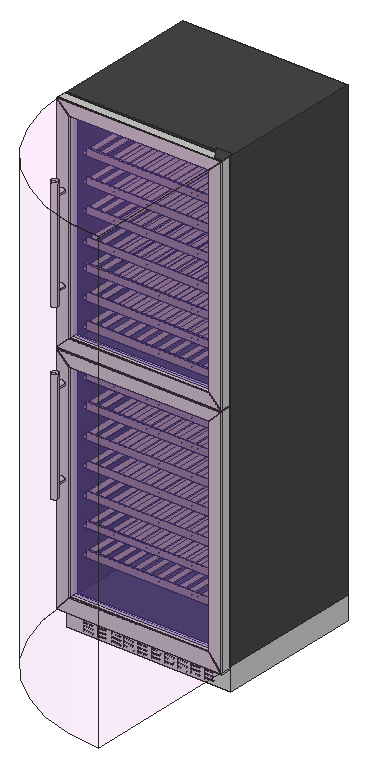
Revit family "QF_Summit_SWC1875B_Bottle_Commercial_Wine_Cellar", category Specialty Equipment, Revit 2020
Family settings
  Round Connector Dimension = Use Diameter
  Part Type = Normal
  Work Plane-Based = No
  Always vertical = Yes
  Cut with Voids When Loaded = No
  Shared = No
  Room Calculation Point = No
Parameters
  Weight in Pounds = 191
  Watts = Volts * FL Amps  # 195.5 W
  Volts = 115 V
  URL Cutsheet = ""
  Specification by User = ""
  Specification by Manufacturer = ""
  Show RHD [instance] = not(Show LHD)  # no
  Show LHD [instance] = yes
  Show Clearance [instance] = yes
  Serial Number = ""
  Seismic Rating = ""
  SMACNA No = ""
  Revision Code = ""
  Refrigerant Volume = 0.00 kip
  Refrigerant Type = "R600a"
  Phase = 1
  Number of Poles = 1
  NAFEM Spec ID Number = ""
  Model = "SWC1875B"
  Min Ckt Ampacity = 0 A
  Max Overcurrent Protection = 0 A
  Masterspec = ""
  Manufacturer = "Summit"
  Length = 23.63"
  Item Number = ""
  Installed By = ""
  Identify Quantity as Lot = yes
  Height = 69 5/8"
  HP = ""
  Furnished By = ""
  Foodservice Equipment Identifier = yes
  FL Amps = 1.7 A
  Electrical Remarks = ""
  Electric Connection Type = ""
  Elec Conn RI Height = 0"
  Elec Conn Connection Height = 0"
  Description = "Bottle Commercial Wine Cellar"
  Depth = 22 3/4"
  Default Elevation = 0"
  Cycle = 60 Hz
  Conn Plug = ""
  Conn Conduit = yes
  CSI MasterFormat = ""
  BTUH = 0.0 Btu/h
  Apparent Power = 0 VA
Reference planes (in)
  plane 1 "BACK": y = 0
  plane 2: z = 0
  plane 3 "LEFT": x = 0
  plane 4 "RIGHT": x = 23.63
  plane 5 "FRONT": y = -22.75
  plane 6 "TOP": z = 69.625
  plane 7 "Center Y": x = 11.815
  plane 8 "Center X": y = -11.375
Dimensions and locks (in)
  equal spacing: plane 3 "LEFT", plane 7 "Center Y", plane 4 "RIGHT"
  "Length": plane 3 "LEFT" to plane 4 "RIGHT"
  equal spacing: plane 5 "FRONT", plane 8 "Center X", plane 1 "BACK"
  "Depth": plane 5 "FRONT" to plane 1 "BACK"
  "Height": plane 6 "TOP" to level
  aligned and locked: level to plane 2
Nested families (in)
  nested 1: "SWC1875B" at (0, 0, 0), Show Clearance <- "Show Clearance", Show LHD <- "Show RHD", type "SWC1875B"
    with Show RHD yes, Show LHD no, Show Clearance yes
Connectors (in)
  electrical at (19.64692, 0.03125, 1.60423), driven by "Volts", driven by "Watts"
    settings: on nested 1, index 1, voltage 115 V, apparent load 195.5 VA, apparent load phase1 0 VA, apparent load phase2 0 VA, apparent load phase3 0 VA, power factor 1, load classification "Other", number of poles 1, system type 30, power factor state 1, is connector primary yes, connector utility no, sub classification motor no, connector description "ELECTRICAL CONNECTION"
Definition of nested family "SWC1875B"
  Parameters (values of type "SWC1875B")
    Weight in Pounds = 0
    URL Cutsheet = ""
    Specification by User = ""
    Specification by Manufacturer = ""
    Show RHD [instance] = not(Show LHD)  # no
    Show LHD [instance] = yes
    Show Clearance [instance] = yes
    Serial Number = ""
    Seismic Rating = ""
    SMACNA No = ""
    Revision Code = ""
    NAFEM Spec ID Number = ""
    Masterspec = ""
    Length = 23.63"
    Item Number = ""
    Installed By = ""
    Identify Quantity as Lot = yes
    Height = 69 5/8"
    Furnished By = ""
    Foodservice Equipment Identifier = yes
    Depth = 22 3/4"
    Default Elevation = 0"
    CSI MasterFormat = ""
  Reference planes (in)
    plane 1 "BACK": y = 0
    plane 2: z = 0
    plane 3 "LEFT": x = 0
    plane 4 "RIGHT": x = 23.63
    plane 5 "FRONT": y = -22.75
    plane 6 "TOP": z = 69.625
    plane 7 "Center Y": x = 11.815
    plane 8 "Center X": y = -11.375
    plane 9: y = -24.625
    plane 10: z = 0.63091
    plane 11: x = 2.07245
    plane 12: y = -44.75
  Forms (in)
    Extrusion 1, solid
      sketch origin (-1.16156, -180, 0.63091) x (-1, 0, 0) y (0, -1, 0)
        loop
          line (-1.16156, -180) -> (-1.16156, -159.125) -> (-24.79156, -159.125) -> (-24.79156, -180) -> (-1.16156, -180)
      from 0 to 3.17521
    Extrusion 2, solid
      sketch origin (-1.16156, -180, 3.80612) x (-1, 0, 0) y (0, -1, 0)
        loop
          line (-1.16156, -180) -> (-1.16156, -159.125) -> (-24.79156, -159.125) -> (-24.79156, -180) -> (-1.16156, -180)
      from 0 to 65.81888
    Extrusion 3, solid
      sketch origin (-0.38082, -180, 37.35233) x (-1, 0, 0) y (0, -1, 0)
        loop
          line (-0.38082, -158.71108) -> (-0.38082, -157.44728) -> (-24.01082, -157.44728) -> (-24.01082, -158.71108) -> (-0.38082, -158.71108)
      from 0 to -33.54621
    Extrusion 4, solid
      sketch origin (-0.38082, -180, 37.60233) x (-1, 0, 0) y (0, -1, 0)
        loop
          line (-0.38082, -158.71108) -> (-0.38082, -157.44728) -> (-24.01082, -157.44728) -> (-24.01082, -158.71108) -> (-0.38082, -158.71108)
      from 0 to 32.02267
    Extrusion 5, solid
      sketch origin (-0.80553, -180, 37.09496) x (-1, 0, 0) y (0, -1, 0)
        loop
          line (-1.02038, -159.125) -> (-1.02038, -158.71108) -> (-24.2197, -158.71108) -> (-24.2197, -159.125) -> (-1.02038, -159.125)
      from 0 to -33.0193
    Extrusion 6, solid
      sketch origin (-0.80553, -180, 37.87559) x (0, 1, 0) y (1, 0, 0)
        loop
          line (159.125, 1.02038) -> (159.125, 24.2197) -> (158.71108, 24.2197) -> (158.71108, 1.02038) -> (159.125, 1.02038)
      from 0.05999 to -31.47674
    Extrusion 7, void
      sketch origin (23.63, -22.55272, 37.60233) x (1, 0, 0) y (0, 0, -1)
        loop
          line (-21.81357, -30.37609) -> (-1.75727, -30.37609) -> (-1.75727, -1.65569) -> (-21.81357, -1.65569) -> (-21.81357, -30.37609)
        loop
          line (-21.81357, 31.67064) -> (-21.81357, 1.92064) -> (-1.75727, 1.92064) -> (-1.75727, 31.67064) -> (-21.81357, 31.67064)
      from 0 to 1.2638
    Extrusion 8, void
      sketch origin (-1.6681, -180, 5.47319) x (0, -1, 0) y (-1, 0, 0)
        loop
          line (-176.66237, -3.624) -> (-176.66237, -23.374)
          arc (-176.66237, -23.374) -> (-176.51593, -23.72755) -> (-176.16237, -23.874) r 0.5
          line (-176.16237, -23.874) -> (-158.71108, -23.874) -> (-158.71108, -3.124) -> (-176.16237, -3.124)
          arc (-176.16237, -3.124) -> (-176.51593, -3.27045) -> (-176.66237, -3.624) r 0.5
      from 0 to -30.96823
    Extrusion 9, void
      sketch origin (-1.6681, -180, 69.47596) x (1, 0, 0) y (0, 1, 0)
        loop
          arc (3.624, 176.66237) -> (3.27045, 176.51593) -> (3.124, 176.16237) r 0.5
          line (3.124, 176.16237) -> (3.124, 158.71108) -> (23.874, 158.71108) -> (23.874, 176.16237)
          arc (23.874, 176.16237) -> (23.72755, 176.51593) -> (23.374, 176.66237) r 0.5
          line (23.374, 176.66237) -> (3.624, 176.66237)
      from -1.36697 to -31.16036
    Extrusion 10, solid
      sketch origin (0, -19.80063, 72.98054) x (0, 0, 1) y (1, 0, 0)
        loop
          line (-10.87433, 1.4559) -> (-10.87433, 22.2059) -> (-11.37433, 22.2059) -> (-11.37433, 1.4559) -> (-10.87433, 1.4559)
        loop
          line (-14.62433, 1.4559) -> (-14.62433, 22.2059) -> (-15.12433, 22.2059) -> (-15.12433, 1.4559) -> (-14.62433, 1.4559)
        loop
          line (-18.37433, 1.4559) -> (-18.37433, 22.2059) -> (-18.87433, 22.2059) -> (-18.87433, 1.4559) -> (-18.37433, 1.4559)
        loop
          line (-22.37433, 1.4559) -> (-22.37433, 22.2059) -> (-22.87433, 22.2059) -> (-22.87433, 1.4559) -> (-22.37433, 1.4559)
        loop
          line (-25.81183, 1.4559) -> (-25.81183, 22.2059) -> (-26.31183, 22.2059) -> (-26.31183, 1.4559) -> (-25.81183, 1.4559)
        loop
          line (-29.48371, 1.4559) -> (-29.48371, 22.2059) -> (-29.98371, 22.2059) -> (-29.98371, 1.4559) -> (-29.48371, 1.4559)
        loop
          line (-33.22252, 1.4559) -> (-33.22252, 22.2059) -> (-33.72252, 22.2059) -> (-33.72252, 1.4559) -> (-33.22252, 1.4559)
      from 0 to 0.68272
    Extrusion 11, solid
      sketch origin (0, -19.80063, 43.7071) x (0, 0, 1) y (1, 0, 0)
        loop
          line (-10.49853, 1.4559) -> (-10.49853, 22.2059) -> (-10.99853, 22.2059) -> (-10.99853, 1.4559) -> (-10.49853, 1.4559)
        loop
          line (-14.24853, 1.4559) -> (-14.24853, 22.2059) -> (-14.74853, 22.2059) -> (-14.74853, 1.4559) -> (-14.24853, 1.4559)
        loop
          line (-18.12353, 1.4559) -> (-18.12353, 22.2059) -> (-18.62353, 22.2059) -> (-18.62353, 1.4559) -> (-18.12353, 1.4559)
        loop
          line (-21.87353, 1.4559) -> (-21.87353, 22.2059) -> (-22.37353, 22.2059) -> (-22.37353, 1.4559) -> (-21.87353, 1.4559)
        loop
          line (-25.71728, 1.4559) -> (-25.71728, 22.2059) -> (-26.21728, 22.2059) -> (-26.21728, 1.4559) -> (-25.71728, 1.4559)
        loop
          line (-29.56103, 1.4559) -> (-29.56103, 22.2059) -> (-30.06103, 22.2059) -> (-30.06103, 1.4559) -> (-29.56103, 1.4559)
        loop
          line (-33.31103, 1.4559) -> (-33.31103, 22.2059) -> (-33.81103, 22.2059) -> (-33.81103, 1.4559) -> (-33.31103, 1.4559)
      from 0 to 0.68272
    Extrusion 12, solid
      sketch origin (0, -19.80063, 72.98054) x (0, 0, -1) y (1, 0, 0)
        loop
          line (15.12433, 21.64509) -> (14.03626, 21.64509) -> (14.03626, 2.07245) -> (15.12433, 2.07245) -> (15.12433, 21.64509)
        loop
          line (18.87433, 21.64509) -> (17.78626, 21.64509) -> (17.78626, 2.07245) -> (18.87433, 2.07245) -> (18.87433, 21.64509)
        loop
          line (22.87433, 21.64509) -> (21.78626, 21.64509) -> (21.78626, 2.07245) -> (22.87433, 2.07245) -> (22.87433, 21.64509)
        loop
          line (26.31183, 21.64509) -> (25.22376, 21.64509) -> (25.22376, 2.07245) -> (26.31183, 2.07245) -> (26.31183, 21.64509)
        loop
          line (29.98371, 21.64509) -> (28.89564, 21.64509) -> (28.89564, 2.07245) -> (29.98371, 2.07245) -> (29.98371, 21.64509)
        loop
          line (11.37433, 21.64509) -> (10.28626, 21.64509) -> (10.28626, 2.07245) -> (11.37433, 2.07245) -> (11.37433, 21.64509)
        loop
          line (33.72252, 21.64509) -> (32.63445, 21.64509) -> (32.63445, 2.07245) -> (33.72252, 2.07245) -> (33.72252, 21.64509)
      from 0 to 0.05469
    Extrusion 13, solid
      sketch origin (0, -19.80063, 43.7071) x (0, 0, -1) y (1, 0, 0)
        loop
          line (10.99853, 21.5851) -> (9.98258, 21.5851) -> (9.98258, 2.07245) -> (10.99853, 2.07245) -> (10.99853, 21.5851)
      from 0 to 0.05469
    Extrusion 14, solid
      sketch origin (0, -19.80063, 39.9571) x (0, 0, -1) y (1, 0, 0)
        loop
          line (10.99853, 21.5851) -> (9.98258, 21.5851) -> (9.98258, 2.07245) -> (10.99853, 2.07245) -> (10.99853, 21.5851)
      from 0 to 0.05469
    Extrusion 15, solid
      sketch origin (0, -19.80063, 36.0821) x (0, 0, -1) y (1, 0, 0)
        loop
          line (10.99853, 21.5851) -> (9.98258, 21.5851) -> (9.98258, 2.07245) -> (10.99853, 2.07245) -> (10.99853, 21.5851)
      from 0 to 0.05469
    Extrusion 16, solid
      sketch origin (0, -19.80063, 32.3321) x (0, 0, -1) y (1, 0, 0)
        loop
          line (10.99853, 21.5851) -> (9.98258, 21.5851) -> (9.98258, 2.07245) -> (10.99853, 2.07245) -> (10.99853, 21.5851)
      from 0 to 0.05469
    Extrusion 17, solid
      sketch origin (0, -19.80063, 28.48835) x (0, 0, -1) y (1, 0, 0)
        loop
          line (10.99853, 21.5851) -> (9.98258, 21.5851) -> (9.98258, 2.07245) -> (10.99853, 2.07245) -> (10.99853, 21.5851)
      from 0 to 0.05469
    Extrusion 18, solid
      sketch origin (0, -19.80063, 24.6446) x (0, 0, -1) y (1, 0, 0)
        loop
          line (10.99853, 21.5851) -> (9.98258, 21.5851) -> (9.98258, 2.07245) -> (10.99853, 2.07245) -> (10.99853, 21.5851)
      from 0 to 0.05469
    Extrusion 19, solid
      sketch origin (0, -19.80063, 20.8946) x (0, 0, -1) y (1, 0, 0)
        loop
          line (10.99853, 21.5851) -> (9.98258, 21.5851) -> (9.98258, 2.07245) -> (10.99853, 2.07245) -> (10.99853, 21.5851)
      from 0 to 0.05469
    Extrusion 20, solid
      sketch origin (0, -4.412, 72.98054) x (0, 0, 1) y (-1, 0, 0)
        loop
          line (-10.87433, -1.4559) -> (-11.37433, -1.4559) -> (-11.37433, -22.2059) -> (-10.87433, -22.2059) -> (-10.87433, -1.4559)
        loop
          line (-14.62433, -1.4559) -> (-15.12433, -1.4559) -> (-15.12433, -22.2059) -> (-14.62433, -22.2059) -> (-14.62433, -1.4559)
        loop
          line (-18.37433, -1.4559) -> (-18.87433, -1.4559) -> (-18.87433, -22.2059) -> (-18.37433, -22.2059) -> (-18.37433, -1.4559)
        loop
          line (-22.37433, -1.4559) -> (-22.87433, -1.4559) -> (-22.87433, -22.2059) -> (-22.37433, -22.2059) -> (-22.37433, -1.4559)
        loop
          line (-25.81183, -1.4559) -> (-26.31183, -1.4559) -> (-26.31183, -22.2059) -> (-25.81183, -22.2059) -> (-25.81183, -1.4559)
        loop
          line (-29.48371, -1.4559) -> (-29.98371, -1.4559) -> (-29.98371, -22.2059) -> (-29.48371, -22.2059) -> (-29.48371, -1.4559)
        loop
          line (-33.22252, -1.4559) -> (-33.72252, -1.4559) -> (-33.72252, -22.2059) -> (-33.22252, -22.2059) -> (-33.22252, -1.4559)
      from 0 to 0.68272
    Extrusion 21, solid
      sketch origin (0, -4.412, 43.7071) x (0, 0, 1) y (-1, 0, 0)
        loop
          line (-10.49853, -1.4559) -> (-10.99853, -1.4559) -> (-10.99853, -22.2059) -> (-10.49853, -22.2059) -> (-10.49853, -1.4559)
        loop
          line (-14.24853, -1.4559) -> (-14.74853, -1.4559) -> (-14.74853, -22.2059) -> (-14.24853, -22.2059) -> (-14.24853, -1.4559)
        loop
          line (-18.12353, -1.4559) -> (-18.62353, -1.4559) -> (-18.62353, -22.2059) -> (-18.12353, -22.2059) -> (-18.12353, -1.4559)
        loop
          line (-21.87353, -1.4559) -> (-22.37353, -1.4559) -> (-22.37353, -22.2059) -> (-21.87353, -22.2059) -> (-21.87353, -1.4559)
        loop
          line (-25.71728, -1.4559) -> (-26.21728, -1.4559) -> (-26.21728, -22.2059) -> (-25.71728, -22.2059) -> (-25.71728, -1.4559)
        loop
          line (-29.56103, -1.4559) -> (-30.06103, -1.4559) -> (-30.06103, -22.2059) -> (-29.56103, -22.2059) -> (-29.56103, -1.4559)
        loop
          line (-33.31103, -1.4559) -> (-33.81103, -1.4559) -> (-33.81103, -22.2059) -> (-33.31103, -22.2059) -> (-33.31103, -1.4559)
      from 0 to 0.68272
    Extrusion 22, solid
      sketch origin (0, -19.80063, 72.98054) x (0, 0, 1) y (1, 0, 0)
        loop
          line (-10.81696, 1.81643) -> (-10.81696, 2.70099) -> (-10.87433, 2.70099) -> (-10.87433, 1.81643) -> (-10.81696, 1.81643)
        loop
          line (-10.81696, 3.27535) -> (-10.81696, 4.15991) -> (-10.87433, 4.15991) -> (-10.87433, 3.27535) -> (-10.81696, 3.27535)
        loop
          line (-10.81696, 5.02535) -> (-10.81696, 5.90991) -> (-10.87433, 5.90991) -> (-10.87433, 5.02535) -> (-10.81696, 5.02535)
        loop
          line (-10.81696, 6.52535) -> (-10.81696, 7.40991) -> (-10.87433, 7.40991) -> (-10.87433, 6.52535) -> (-10.81696, 6.52535)
        loop
          line (-10.81696, 8.27535) -> (-10.81696, 9.15991) -> (-10.87433, 9.15991) -> (-10.87433, 8.27535) -> (-10.81696, 8.27535)
        loop
          line (-10.81696, 9.77535) -> (-10.81696, 10.65991) -> (-10.87433, 10.65991) -> (-10.87433, 9.77535) -> (-10.81696, 9.77535)
        loop
          line (-10.81696, 11.52535) -> (-10.81696, 12.40991) -> (-10.87433, 12.40991) -> (-10.87433, 11.52535) -> (-10.81696, 11.52535)
        loop
          line (-10.81696, 13.02535) -> (-10.81696, 13.90991) -> (-10.87433, 13.90991) -> (-10.87433, 13.02535) -> (-10.81696, 13.02535)
        loop
          line (-10.81696, 14.77535) -> (-10.81696, 15.65991) -> (-10.87433, 15.65991) -> (-10.87433, 14.77535) -> (-10.81696, 14.77535)
        loop
          line (-10.81696, 16.27535) -> (-10.81696, 17.15991) -> (-10.87433, 17.15991) -> (-10.87433, 16.27535) -> (-10.81696, 16.27535)
        loop
          line (-10.81696, 18.02535) -> (-10.81696, 18.90991) -> (-10.87433, 18.90991) -> (-10.87433, 18.02535) -> (-10.81696, 18.02535)
        loop
          line (-10.81696, 19.52535) -> (-10.81696, 20.40991) -> (-10.87433, 20.40991) -> (-10.87433, 19.52535) -> (-10.81696, 19.52535)
        loop
          line (-10.81696, 21.08785) -> (-10.81696, 21.97241) -> (-10.87433, 21.97241) -> (-10.87433, 21.08785) -> (-10.81696, 21.08785)
        loop
          line (-14.56696, 1.81643) -> (-14.56696, 2.70099) -> (-14.62433, 2.70099) -> (-14.62433, 1.81643) -> (-14.56696, 1.81643)
        loop
          line (-14.56696, 3.27535) -> (-14.56696, 4.15991) -> (-14.62433, 4.15991) -> (-14.62433, 3.27535) -> (-14.56696, 3.27535)
        loop
          line (-14.56696, 5.02535) -> (-14.56696, 5.90991) -> (-14.62433, 5.90991) -> (-14.62433, 5.02535) -> (-14.56696, 5.02535)
        loop
          line (-14.56696, 6.52535) -> (-14.56696, 7.40991) -> (-14.62433, 7.40991) -> (-14.62433, 6.52535) -> (-14.56696, 6.52535)
        loop
          line (-14.56696, 8.27535) -> (-14.56696, 9.15991) -> (-14.62433, 9.15991) -> (-14.62433, 8.27535) -> (-14.56696, 8.27535)
        loop
          line (-14.56696, 9.77535) -> (-14.56696, 10.65991) -> (-14.62433, 10.65991) -> (-14.62433, 9.77535) -> (-14.56696, 9.77535)
        loop
          line (-14.56696, 11.52535) -> (-14.56696, 12.40991) -> (-14.62433, 12.40991) -> (-14.62433, 11.52535) -> (-14.56696, 11.52535)
        loop
          line (-14.56696, 13.02535) -> (-14.56696, 13.90991) -> (-14.62433, 13.90991) -> (-14.62433, 13.02535) -> (-14.56696, 13.02535)
        loop
          line (-14.56696, 14.77535) -> (-14.56696, 15.65991) -> (-14.62433, 15.65991) -> (-14.62433, 14.77535) -> (-14.56696, 14.77535)
        loop
          line (-14.56696, 16.27535) -> (-14.56696, 17.15991) -> (-14.62433, 17.15991) -> (-14.62433, 16.27535) -> (-14.56696, 16.27535)
        loop
          line (-14.56696, 18.02535) -> (-14.56696, 18.90991) -> (-14.62433, 18.90991) -> (-14.62433, 18.02535) -> (-14.56696, 18.02535)
        loop
          line (-14.56696, 19.52535) -> (-14.56696, 20.40991) -> (-14.62433, 20.40991) -> (-14.62433, 19.52535) -> (-14.56696, 19.52535)
        loop
          line (-14.56696, 21.08785) -> (-14.56696, 21.97241) -> (-14.62433, 21.97241) -> (-14.62433, 21.08785) -> (-14.56696, 21.08785)
        loop
          line (-18.31696, 1.81643) -> (-18.31696, 2.70099) -> (-18.37433, 2.70099) -> (-18.37433, 1.81643) -> (-18.31696, 1.81643)
        loop
          line (-18.31696, 3.27535) -> (-18.31696, 4.15991) -> (-18.37433, 4.15991) -> (-18.37433, 3.27535) -> (-18.31696, 3.27535)
        loop
          line (-18.31696, 5.02535) -> (-18.31696, 5.90991) -> (-18.37433, 5.90991) -> (-18.37433, 5.02535) -> (-18.31696, 5.02535)
        loop
          line (-18.31696, 6.52535) -> (-18.31696, 7.40991) -> (-18.37433, 7.40991) -> (-18.37433, 6.52535) -> (-18.31696, 6.52535)
        loop
          line (-18.31696, 8.27535) -> (-18.31696, 9.15991) -> (-18.37433, 9.15991) -> (-18.37433, 8.27535) -> (-18.31696, 8.27535)
        loop
          line (-18.31696, 9.77535) -> (-18.31696, 10.65991) -> (-18.37433, 10.65991) -> (-18.37433, 9.77535) -> (-18.31696, 9.77535)
        loop
          line (-18.31696, 11.52535) -> (-18.31696, 12.40991) -> (-18.37433, 12.40991) -> (-18.37433, 11.52535) -> (-18.31696, 11.52535)
        loop
          line (-18.31696, 13.02535) -> (-18.31696, 13.90991) -> (-18.37433, 13.90991) -> (-18.37433, 13.02535) -> (-18.31696, 13.02535)
        loop
          line (-18.31696, 14.77535) -> (-18.31696, 15.65991) -> (-18.37433, 15.65991) -> (-18.37433, 14.77535) -> (-18.31696, 14.77535)
        loop
          line (-18.31696, 16.27535) -> (-18.31696, 17.15991) -> (-18.37433, 17.15991) -> (-18.37433, 16.27535) -> (-18.31696, 16.27535)
        loop
          line (-18.31696, 18.02535) -> (-18.31696, 18.90991) -> (-18.37433, 18.90991) -> (-18.37433, 18.02535) -> (-18.31696, 18.02535)
        loop
          line (-18.31696, 19.52535) -> (-18.31696, 20.40991) -> (-18.37433, 20.40991) -> (-18.37433, 19.52535) -> (-18.31696, 19.52535)
        loop
          line (-18.31696, 21.08785) -> (-18.31696, 21.97241) -> (-18.37433, 21.97241) -> (-18.37433, 21.08785) -> (-18.31696, 21.08785)
        loop
          line (-22.31696, 1.81643) -> (-22.31696, 2.70099) -> (-22.37433, 2.70099) -> (-22.37433, 1.81643) -> (-22.31696, 1.81643)
        loop
          line (-22.31696, 3.27535) -> (-22.31696, 4.15991) -> (-22.37433, 4.15991) -> (-22.37433, 3.27535) -> (-22.31696, 3.27535)
        loop
          line (-22.31696, 5.02535) -> (-22.31696, 5.90991) -> (-22.37433, 5.90991) -> (-22.37433, 5.02535) -> (-22.31696, 5.02535)
        loop
          line (-22.31696, 6.52535) -> (-22.31696, 7.40991) -> (-22.37433, 7.40991) -> (-22.37433, 6.52535) -> (-22.31696, 6.52535)
        loop
          line (-22.31696, 8.27535) -> (-22.31696, 9.15991) -> (-22.37433, 9.15991) -> (-22.37433, 8.27535) -> (-22.31696, 8.27535)
        loop
          line (-22.31696, 9.77535) -> (-22.31696, 10.65991) -> (-22.37433, 10.65991) -> (-22.37433, 9.77535) -> (-22.31696, 9.77535)
        loop
          line (-22.31696, 11.52535) -> (-22.31696, 12.40991) -> (-22.37433, 12.40991) -> (-22.37433, 11.52535) -> (-22.31696, 11.52535)
        loop
          line (-22.31696, 13.02535) -> (-22.31696, 13.90991) -> (-22.37433, 13.90991) -> (-22.37433, 13.02535) -> (-22.31696, 13.02535)
        loop
          line (-22.31696, 14.77535) -> (-22.31696, 15.65991) -> (-22.37433, 15.65991) -> (-22.37433, 14.77535) -> (-22.31696, 14.77535)
        loop
          line (-22.31696, 16.27535) -> (-22.31696, 17.15991) -> (-22.37433, 17.15991) -> (-22.37433, 16.27535) -> (-22.31696, 16.27535)
        loop
          line (-22.31696, 18.02535) -> (-22.31696, 18.90991) -> (-22.37433, 18.90991) -> (-22.37433, 18.02535) -> (-22.31696, 18.02535)
        loop
          line (-22.31696, 19.52535) -> (-22.31696, 20.40991) -> (-22.37433, 20.40991) -> (-22.37433, 19.52535) -> (-22.31696, 19.52535)
        loop
          line (-22.31696, 21.08785) -> (-22.31696, 21.97241) -> (-22.37433, 21.97241) -> (-22.37433, 21.08785) -> (-22.31696, 21.08785)
        loop
          line (-25.75446, 1.81643) -> (-25.75446, 2.70099) -> (-25.81183, 2.70099) -> (-25.81183, 1.81643) -> (-25.75446, 1.81643)
        loop
          line (-25.75446, 3.27535) -> (-25.75446, 4.15991) -> (-25.81183, 4.15991) -> (-25.81183, 3.27535) -> (-25.75446, 3.27535)
        loop
          line (-25.75446, 5.02535) -> (-25.75446, 5.90991) -> (-25.81183, 5.90991) -> (-25.81183, 5.02535) -> (-25.75446, 5.02535)
        loop
          line (-25.75446, 6.52535) -> (-25.75446, 7.40991) -> (-25.81183, 7.40991) -> (-25.81183, 6.52535) -> (-25.75446, 6.52535)
        loop
          line (-25.75446, 8.27535) -> (-25.75446, 9.15991) -> (-25.81183, 9.15991) -> (-25.81183, 8.27535) -> (-25.75446, 8.27535)
        loop
          line (-25.75446, 9.77535) -> (-25.75446, 10.65991) -> (-25.81183, 10.65991) -> (-25.81183, 9.77535) -> (-25.75446, 9.77535)
        loop
          line (-25.75446, 11.52535) -> (-25.75446, 12.40991) -> (-25.81183, 12.40991) -> (-25.81183, 11.52535) -> (-25.75446, 11.52535)
        loop
          line (-25.75446, 13.02535) -> (-25.75446, 13.90991) -> (-25.81183, 13.90991) -> (-25.81183, 13.02535) -> (-25.75446, 13.02535)
        loop
          line (-25.75446, 14.77535) -> (-25.75446, 15.65991) -> (-25.81183, 15.65991) -> (-25.81183, 14.77535) -> (-25.75446, 14.77535)
        loop
          line (-25.75446, 16.27535) -> (-25.75446, 17.15991) -> (-25.81183, 17.15991) -> (-25.81183, 16.27535) -> (-25.75446, 16.27535)
        loop
          line (-25.75446, 18.02535) -> (-25.75446, 18.90991) -> (-25.81183, 18.90991) -> (-25.81183, 18.02535) -> (-25.75446, 18.02535)
        loop
          line (-25.75446, 19.52535) -> (-25.75446, 20.40991) -> (-25.81183, 20.40991) -> (-25.81183, 19.52535) -> (-25.75446, 19.52535)
        loop
          line (-25.75446, 21.08785) -> (-25.75446, 21.97241) -> (-25.81183, 21.97241) -> (-25.81183, 21.08785) -> (-25.75446, 21.08785)
        loop
          line (-29.42634, 1.81643) -> (-29.42634, 2.70099) -> (-29.48371, 2.70099) -> (-29.48371, 1.81643) -> (-29.42634, 1.81643)
        loop
          line (-29.42634, 3.27535) -> (-29.42634, 4.15991) -> (-29.48371, 4.15991) -> (-29.48371, 3.27535) -> (-29.42634, 3.27535)
        loop
          line (-29.42634, 5.02535) -> (-29.42634, 5.90991) -> (-29.48371, 5.90991) -> (-29.48371, 5.02535) -> (-29.42634, 5.02535)
        loop
          line (-29.42634, 6.52535) -> (-29.42634, 7.40991) -> (-29.48371, 7.40991) -> (-29.48371, 6.52535) -> (-29.42634, 6.52535)
        loop
          line (-29.42634, 8.27535) -> (-29.42634, 9.15991) -> (-29.48371, 9.15991) -> (-29.48371, 8.27535) -> (-29.42634, 8.27535)
        loop
          line (-29.42634, 9.77535) -> (-29.42634, 10.65991) -> (-29.48371, 10.65991) -> (-29.48371, 9.77535) -> (-29.42634, 9.77535)
        loop
          line (-29.42634, 11.52535) -> (-29.42634, 12.40991) -> (-29.48371, 12.40991) -> (-29.48371, 11.52535) -> (-29.42634, 11.52535)
        loop
          line (-29.42634, 13.02535) -> (-29.42634, 13.90991) -> (-29.48371, 13.90991) -> (-29.48371, 13.02535) -> (-29.42634, 13.02535)
        loop
          line (-29.42634, 14.77535) -> (-29.42634, 15.65991) -> (-29.48371, 15.65991) -> (-29.48371, 14.77535) -> (-29.42634, 14.77535)
        loop
          line (-29.42634, 16.27535) -> (-29.42634, 17.15991) -> (-29.48371, 17.15991) -> (-29.48371, 16.27535) -> (-29.42634, 16.27535)
        loop
          line (-29.42634, 18.02535) -> (-29.42634, 18.90991) -> (-29.48371, 18.90991) -> (-29.48371, 18.02535) -> (-29.42634, 18.02535)
        loop
          line (-29.42634, 19.52535) -> (-29.42634, 20.40991) -> (-29.48371, 20.40991) -> (-29.48371, 19.52535) -> (-29.42634, 19.52535)
        loop
          line (-29.42634, 21.08785) -> (-29.42634, 21.97241) -> (-29.48371, 21.97241) -> (-29.48371, 21.08785) -> (-29.42634, 21.08785)
        loop
          line (-33.16514, 1.81643) -> (-33.16514, 2.70099) -> (-33.22252, 2.70099) -> (-33.22252, 1.81643) -> (-33.16514, 1.81643)
        loop
          line (-33.16514, 3.27535) -> (-33.16514, 4.15991) -> (-33.22252, 4.15991) -> (-33.22252, 3.27535) -> (-33.16514, 3.27535)
        loop
          line (-33.16514, 5.02535) -> (-33.16514, 5.90991) -> (-33.22252, 5.90991) -> (-33.22252, 5.02535) -> (-33.16514, 5.02535)
        loop
          line (-33.16514, 6.52535) -> (-33.16514, 7.40991) -> (-33.22252, 7.40991) -> (-33.22252, 6.52535) -> (-33.16514, 6.52535)
        loop
          line (-33.16514, 8.27535) -> (-33.16514, 9.15991) -> (-33.22252, 9.15991) -> (-33.22252, 8.27535) -> (-33.16514, 8.27535)
        loop
          line (-33.16514, 9.77535) -> (-33.16514, 10.65991) -> (-33.22252, 10.65991) -> (-33.22252, 9.77535) -> (-33.16514, 9.77535)
        loop
          line (-33.16514, 11.52535) -> (-33.16514, 12.40991) -> (-33.22252, 12.40991) -> (-33.22252, 11.52535) -> (-33.16514, 11.52535)
        loop
          line (-33.16514, 13.02535) -> (-33.16514, 13.90991) -> (-33.22252, 13.90991) -> (-33.22252, 13.02535) -> (-33.16514, 13.02535)
        loop
          line (-33.16514, 14.77535) -> (-33.16514, 15.65991) -> (-33.22252, 15.65991) -> (-33.22252, 14.77535) -> (-33.16514, 14.77535)
        loop
          line (-33.16514, 16.27535) -> (-33.16514, 17.15991) -> (-33.22252, 17.15991) -> (-33.22252, 16.27535) -> (-33.16514, 16.27535)
        loop
          line (-33.16514, 18.02535) -> (-33.16514, 18.90991) -> (-33.22252, 18.90991) -> (-33.22252, 18.02535) -> (-33.16514, 18.02535)
        loop
          line (-33.16514, 19.52535) -> (-33.16514, 20.40991) -> (-33.22252, 20.40991) -> (-33.22252, 19.52535) -> (-33.16514, 19.52535)
        loop
          line (-33.16514, 21.08785) -> (-33.16514, 21.97241) -> (-33.22252, 21.97241) -> (-33.22252, 21.08785) -> (-33.16514, 21.08785)
      from 0 to 15.38863
    Extrusion 23, solid
      sketch origin (0, -19.80063, 43.61858) x (0, 0, 1) y (1, 0, 0)
        loop
          line (-10.35264, 1.81643) -> (-10.35264, 2.70099) -> (-10.41002, 2.70099) -> (-10.41002, 1.81643) -> (-10.35264, 1.81643)
        loop
          line (-10.35264, 3.27535) -> (-10.35264, 4.15991) -> (-10.41002, 4.15991) -> (-10.41002, 3.27535) -> (-10.35264, 3.27535)
        loop
          line (-10.35264, 5.02535) -> (-10.35264, 5.90991) -> (-10.41002, 5.90991) -> (-10.41002, 5.02535) -> (-10.35264, 5.02535)
        loop
          line (-10.35264, 6.52535) -> (-10.35264, 7.40991) -> (-10.41002, 7.40991) -> (-10.41002, 6.52535) -> (-10.35264, 6.52535)
        loop
          line (-10.35264, 8.27535) -> (-10.35264, 9.15991) -> (-10.41002, 9.15991) -> (-10.41002, 8.27535) -> (-10.35264, 8.27535)
        loop
          line (-10.35264, 9.77535) -> (-10.35264, 10.65991) -> (-10.41002, 10.65991) -> (-10.41002, 9.77535) -> (-10.35264, 9.77535)
        loop
          line (-10.35264, 11.52535) -> (-10.35264, 12.40991) -> (-10.41002, 12.40991) -> (-10.41002, 11.52535) -> (-10.35264, 11.52535)
        loop
          line (-10.35264, 13.02535) -> (-10.35264, 13.90991) -> (-10.41002, 13.90991) -> (-10.41002, 13.02535) -> (-10.35264, 13.02535)
        loop
          line (-10.35264, 14.77535) -> (-10.35264, 15.65991) -> (-10.41002, 15.65991) -> (-10.41002, 14.77535) -> (-10.35264, 14.77535)
        loop
          line (-10.35264, 16.27535) -> (-10.35264, 17.15991) -> (-10.41002, 17.15991) -> (-10.41002, 16.27535) -> (-10.35264, 16.27535)
        loop
          line (-10.35264, 18.02535) -> (-10.35264, 18.90991) -> (-10.41002, 18.90991) -> (-10.41002, 18.02535) -> (-10.35264, 18.02535)
        loop
          line (-10.35264, 19.52535) -> (-10.35264, 20.40991) -> (-10.41002, 20.40991) -> (-10.41002, 19.52535) -> (-10.35264, 19.52535)
        loop
          line (-10.35264, 21.08785) -> (-10.35264, 21.97241) -> (-10.41002, 21.97241) -> (-10.41002, 21.08785) -> (-10.35264, 21.08785)
        loop
          line (-14.10264, 1.81643) -> (-14.10264, 2.70099) -> (-14.16002, 2.70099) -> (-14.16002, 1.81643) -> (-14.10264, 1.81643)
        loop
          line (-14.10264, 3.27535) -> (-14.10264, 4.15991) -> (-14.16002, 4.15991) -> (-14.16002, 3.27535) -> (-14.10264, 3.27535)
        loop
          line (-14.10264, 5.02535) -> (-14.10264, 5.90991) -> (-14.16002, 5.90991) -> (-14.16002, 5.02535) -> (-14.10264, 5.02535)
        loop
          line (-14.10264, 6.52535) -> (-14.10264, 7.40991) -> (-14.16002, 7.40991) -> (-14.16002, 6.52535) -> (-14.10264, 6.52535)
        loop
          line (-14.10264, 8.27535) -> (-14.10264, 9.15991) -> (-14.16002, 9.15991) -> (-14.16002, 8.27535) -> (-14.10264, 8.27535)
        loop
          line (-14.10264, 9.77535) -> (-14.10264, 10.65991) -> (-14.16002, 10.65991) -> (-14.16002, 9.77535) -> (-14.10264, 9.77535)
        loop
          line (-14.10264, 11.52535) -> (-14.10264, 12.40991) -> (-14.16002, 12.40991) -> (-14.16002, 11.52535) -> (-14.10264, 11.52535)
        loop
          line (-14.10264, 13.02535) -> (-14.10264, 13.90991) -> (-14.16002, 13.90991) -> (-14.16002, 13.02535) -> (-14.10264, 13.02535)
        loop
          line (-14.10264, 14.77535) -> (-14.10264, 15.65991) -> (-14.16002, 15.65991) -> (-14.16002, 14.77535) -> (-14.10264, 14.77535)
        loop
          line (-14.10264, 16.27535) -> (-14.10264, 17.15991) -> (-14.16002, 17.15991) -> (-14.16002, 16.27535) -> (-14.10264, 16.27535)
        loop
          line (-14.10264, 18.02535) -> (-14.10264, 18.90991) -> (-14.16002, 18.90991) -> (-14.16002, 18.02535) -> (-14.10264, 18.02535)
        loop
          line (-14.10264, 19.52535) -> (-14.10264, 20.40991) -> (-14.16002, 20.40991) -> (-14.16002, 19.52535) -> (-14.10264, 19.52535)
        loop
          line (-14.10264, 21.08785) -> (-14.10264, 21.97241) -> (-14.16002, 21.97241) -> (-14.16002, 21.08785) -> (-14.10264, 21.08785)
        loop
          line (-17.97764, 1.81643) -> (-17.97764, 2.70099) -> (-18.03502, 2.70099) -> (-18.03502, 1.81643) -> (-17.97764, 1.81643)
        loop
          line (-17.97764, 3.27535) -> (-17.97764, 4.15991) -> (-18.03502, 4.15991) -> (-18.03502, 3.27535) -> (-17.97764, 3.27535)
        loop
          line (-17.97764, 5.02535) -> (-17.97764, 5.90991) -> (-18.03502, 5.90991) -> (-18.03502, 5.02535) -> (-17.97764, 5.02535)
        loop
          line (-17.97764, 6.52535) -> (-17.97764, 7.40991) -> (-18.03502, 7.40991) -> (-18.03502, 6.52535) -> (-17.97764, 6.52535)
        loop
          line (-17.97764, 8.27535) -> (-17.97764, 9.15991) -> (-18.03502, 9.15991) -> (-18.03502, 8.27535) -> (-17.97764, 8.27535)
        loop
          line (-17.97764, 9.77535) -> (-17.97764, 10.65991) -> (-18.03502, 10.65991) -> (-18.03502, 9.77535) -> (-17.97764, 9.77535)
        loop
          line (-17.97764, 11.52535) -> (-17.97764, 12.40991) -> (-18.03502, 12.40991) -> (-18.03502, 11.52535) -> (-17.97764, 11.52535)
        loop
          line (-17.97764, 13.02535) -> (-17.97764, 13.90991) -> (-18.03502, 13.90991) -> (-18.03502, 13.02535) -> (-17.97764, 13.02535)
        loop
          line (-17.97764, 14.77535) -> (-17.97764, 15.65991) -> (-18.03502, 15.65991) -> (-18.03502, 14.77535) -> (-17.97764, 14.77535)
        loop
          line (-17.97764, 16.27535) -> (-17.97764, 17.15991) -> (-18.03502, 17.15991) -> (-18.03502, 16.27535) -> (-17.97764, 16.27535)
        loop
          line (-17.97764, 18.02535) -> (-17.97764, 18.90991) -> (-18.03502, 18.90991) -> (-18.03502, 18.02535) -> (-17.97764, 18.02535)
        loop
          line (-17.97764, 19.52535) -> (-17.97764, 20.40991) -> (-18.03502, 20.40991) -> (-18.03502, 19.52535) -> (-17.97764, 19.52535)
        loop
          line (-17.97764, 21.08785) -> (-17.97764, 21.97241) -> (-18.03502, 21.97241) -> (-18.03502, 21.08785) -> (-17.97764, 21.08785)
        loop
          line (-21.72764, 1.81643) -> (-21.72764, 2.70099) -> (-21.78502, 2.70099) -> (-21.78502, 1.81643) -> (-21.72764, 1.81643)
        loop
          line (-21.72764, 3.27535) -> (-21.72764, 4.15991) -> (-21.78502, 4.15991) -> (-21.78502, 3.27535) -> (-21.72764, 3.27535)
        loop
          line (-21.72764, 5.02535) -> (-21.72764, 5.90991) -> (-21.78502, 5.90991) -> (-21.78502, 5.02535) -> (-21.72764, 5.02535)
        loop
          line (-21.72764, 6.52535) -> (-21.72764, 7.40991) -> (-21.78502, 7.40991) -> (-21.78502, 6.52535) -> (-21.72764, 6.52535)
        loop
          line (-21.72764, 8.27535) -> (-21.72764, 9.15991) -> (-21.78502, 9.15991) -> (-21.78502, 8.27535) -> (-21.72764, 8.27535)
        loop
          line (-21.72764, 9.77535) -> (-21.72764, 10.65991) -> (-21.78502, 10.65991) -> (-21.78502, 9.77535) -> (-21.72764, 9.77535)
        loop
          line (-21.72764, 11.52535) -> (-21.72764, 12.40991) -> (-21.78502, 12.40991) -> (-21.78502, 11.52535) -> (-21.72764, 11.52535)
        loop
          line (-21.72764, 13.02535) -> (-21.72764, 13.90991) -> (-21.78502, 13.90991) -> (-21.78502, 13.02535) -> (-21.72764, 13.02535)
        loop
          line (-21.72764, 14.77535) -> (-21.72764, 15.65991) -> (-21.78502, 15.65991) -> (-21.78502, 14.77535) -> (-21.72764, 14.77535)
        loop
          line (-21.72764, 16.27535) -> (-21.72764, 17.15991) -> (-21.78502, 17.15991) -> (-21.78502, 16.27535) -> (-21.72764, 16.27535)
        loop
          line (-21.72764, 18.02535) -> (-21.72764, 18.90991) -> (-21.78502, 18.90991) -> (-21.78502, 18.02535) -> (-21.72764, 18.02535)
        loop
          line (-21.72764, 19.52535) -> (-21.72764, 20.40991) -> (-21.78502, 20.40991) -> (-21.78502, 19.52535) -> (-21.72764, 19.52535)
        loop
          line (-21.72764, 21.08785) -> (-21.72764, 21.97241) -> (-21.78502, 21.97241) -> (-21.78502, 21.08785) -> (-21.72764, 21.08785)
        loop
          line (-25.57139, 1.81643) -> (-25.57139, 2.70099) -> (-25.62877, 2.70099) -> (-25.62877, 1.81643) -> (-25.57139, 1.81643)
        loop
          line (-25.57139, 3.27535) -> (-25.57139, 4.15991) -> (-25.62877, 4.15991) -> (-25.62877, 3.27535) -> (-25.57139, 3.27535)
        loop
          line (-25.57139, 5.02535) -> (-25.57139, 5.90991) -> (-25.62877, 5.90991) -> (-25.62877, 5.02535) -> (-25.57139, 5.02535)
        loop
          line (-25.57139, 6.52535) -> (-25.57139, 7.40991) -> (-25.62877, 7.40991) -> (-25.62877, 6.52535) -> (-25.57139, 6.52535)
        loop
          line (-25.57139, 8.27535) -> (-25.57139, 9.15991) -> (-25.62877, 9.15991) -> (-25.62877, 8.27535) -> (-25.57139, 8.27535)
        loop
          line (-25.57139, 9.77535) -> (-25.57139, 10.65991) -> (-25.62877, 10.65991) -> (-25.62877, 9.77535) -> (-25.57139, 9.77535)
        loop
          line (-25.57139, 11.52535) -> (-25.57139, 12.40991) -> (-25.62877, 12.40991) -> (-25.62877, 11.52535) -> (-25.57139, 11.52535)
        loop
          line (-25.57139, 13.02535) -> (-25.57139, 13.90991) -> (-25.62877, 13.90991) -> (-25.62877, 13.02535) -> (-25.57139, 13.02535)
        loop
          line (-25.57139, 14.77535) -> (-25.57139, 15.65991) -> (-25.62877, 15.65991) -> (-25.62877, 14.77535) -> (-25.57139, 14.77535)
        loop
          line (-25.57139, 16.27535) -> (-25.57139, 17.15991) -> (-25.62877, 17.15991) -> (-25.62877, 16.27535) -> (-25.57139, 16.27535)
        loop
          line (-25.57139, 18.02535) -> (-25.57139, 18.90991) -> (-25.62877, 18.90991) -> (-25.62877, 18.02535) -> (-25.57139, 18.02535)
        loop
          line (-25.57139, 19.52535) -> (-25.57139, 20.40991) -> (-25.62877, 20.40991) -> (-25.62877, 19.52535) -> (-25.57139, 19.52535)
        loop
          line (-25.57139, 21.08785) -> (-25.57139, 21.97241) -> (-25.62877, 21.97241) -> (-25.62877, 21.08785) -> (-25.57139, 21.08785)
        loop
          line (-29.41514, 1.81643) -> (-29.41514, 2.70099) -> (-29.47252, 2.70099) -> (-29.47252, 1.81643) -> (-29.41514, 1.81643)
        loop
          line (-29.41514, 3.27535) -> (-29.41514, 4.15991) -> (-29.47252, 4.15991) -> (-29.47252, 3.27535) -> (-29.41514, 3.27535)
        loop
          line (-29.41514, 5.02535) -> (-29.41514, 5.90991) -> (-29.47252, 5.90991) -> (-29.47252, 5.02535) -> (-29.41514, 5.02535)
        loop
          line (-29.41514, 6.52535) -> (-29.41514, 7.40991) -> (-29.47252, 7.40991) -> (-29.47252, 6.52535) -> (-29.41514, 6.52535)
        loop
          line (-29.41514, 8.27535) -> (-29.41514, 9.15991) -> (-29.47252, 9.15991) -> (-29.47252, 8.27535) -> (-29.41514, 8.27535)
        loop
          line (-29.41514, 9.77535) -> (-29.41514, 10.65991) -> (-29.47252, 10.65991) -> (-29.47252, 9.77535) -> (-29.41514, 9.77535)
        loop
          line (-29.41514, 11.52535) -> (-29.41514, 12.40991) -> (-29.47252, 12.40991) -> (-29.47252, 11.52535) -> (-29.41514, 11.52535)
        loop
          line (-29.41514, 13.02535) -> (-29.41514, 13.90991) -> (-29.47252, 13.90991) -> (-29.47252, 13.02535) -> (-29.41514, 13.02535)
        loop
          line (-29.41514, 14.77535) -> (-29.41514, 15.65991) -> (-29.47252, 15.65991) -> (-29.47252, 14.77535) -> (-29.41514, 14.77535)
        loop
          line (-29.41514, 16.27535) -> (-29.41514, 17.15991) -> (-29.47252, 17.15991) -> (-29.47252, 16.27535) -> (-29.41514, 16.27535)
        loop
          line (-29.41514, 18.02535) -> (-29.41514, 18.90991) -> (-29.47252, 18.90991) -> (-29.47252, 18.02535) -> (-29.41514, 18.02535)
        loop
          line (-29.41514, 19.52535) -> (-29.41514, 20.40991) -> (-29.47252, 20.40991) -> (-29.47252, 19.52535) -> (-29.41514, 19.52535)
        loop
          line (-29.41514, 21.08785) -> (-29.41514, 21.97241) -> (-29.47252, 21.97241) -> (-29.47252, 21.08785) -> (-29.41514, 21.08785)
        loop
          line (-33.16514, 1.81643) -> (-33.16514, 2.70099) -> (-33.22252, 2.70099) -> (-33.22252, 1.81643) -> (-33.16514, 1.81643)
        loop
          line (-33.16514, 3.27535) -> (-33.16514, 4.15991) -> (-33.22252, 4.15991) -> (-33.22252, 3.27535) -> (-33.16514, 3.27535)
        loop
          line (-33.16514, 5.02535) -> (-33.16514, 5.90991) -> (-33.22252, 5.90991) -> (-33.22252, 5.02535) -> (-33.16514, 5.02535)
        loop
          line (-33.16514, 6.52535) -> (-33.16514, 7.40991) -> (-33.22252, 7.40991) -> (-33.22252, 6.52535) -> (-33.16514, 6.52535)
        loop
          line (-33.16514, 8.27535) -> (-33.16514, 9.15991) -> (-33.22252, 9.15991) -> (-33.22252, 8.27535) -> (-33.16514, 8.27535)
        loop
          line (-33.16514, 9.77535) -> (-33.16514, 10.65991) -> (-33.22252, 10.65991) -> (-33.22252, 9.77535) -> (-33.16514, 9.77535)
        loop
          line (-33.16514, 11.52535) -> (-33.16514, 12.40991) -> (-33.22252, 12.40991) -> (-33.22252, 11.52535) -> (-33.16514, 11.52535)
        loop
          line (-33.16514, 13.02535) -> (-33.16514, 13.90991) -> (-33.22252, 13.90991) -> (-33.22252, 13.02535) -> (-33.16514, 13.02535)
        loop
          line (-33.16514, 14.77535) -> (-33.16514, 15.65991) -> (-33.22252, 15.65991) -> (-33.22252, 14.77535) -> (-33.16514, 14.77535)
        loop
          line (-33.16514, 16.27535) -> (-33.16514, 17.15991) -> (-33.22252, 17.15991) -> (-33.22252, 16.27535) -> (-33.16514, 16.27535)
        loop
          line (-33.16514, 18.02535) -> (-33.16514, 18.90991) -> (-33.22252, 18.90991) -> (-33.22252, 18.02535) -> (-33.16514, 18.02535)
        loop
          line (-33.16514, 19.52535) -> (-33.16514, 20.40991) -> (-33.22252, 20.40991) -> (-33.22252, 19.52535) -> (-33.16514, 19.52535)
        loop
          line (-33.16514, 21.08785) -> (-33.16514, 21.97241) -> (-33.22252, 21.97241) -> (-33.22252, 21.08785) -> (-33.16514, 21.08785)
      from 0 to 15.38863
    Extrusion 24, solid
      sketch origin (0, -4.412, 72.98054) x (0, 0, -1) y (-1, 0, 0)
        loop
          line (15.12433, -21.64509) -> (15.12433, -2.07245) -> (14.03626, -2.07245) -> (14.03626, -21.64509) -> (15.12433, -21.64509)
        loop
          line (18.87433, -21.64509) -> (18.87433, -2.07245) -> (17.78626, -2.07245) -> (17.78626, -21.64509) -> (18.87433, -21.64509)
        loop
          line (22.87433, -21.64509) -> (22.87433, -2.07245) -> (21.78626, -2.07245) -> (21.78626, -21.64509) -> (22.87433, -21.64509)
        loop
          line (26.31183, -21.64509) -> (26.31183, -2.07245) -> (25.22376, -2.07245) -> (25.22376, -21.64509) -> (26.31183, -21.64509)
        loop
          line (29.98371, -21.64509) -> (29.98371, -2.07245) -> (28.89564, -2.07245) -> (28.89564, -21.64509) -> (29.98371, -21.64509)
        loop
          line (11.37433, -21.64509) -> (11.37433, -2.07245) -> (10.28626, -2.07245) -> (10.28626, -21.64509) -> (11.37433, -21.64509)
        loop
          line (33.72252, -21.64509) -> (33.72252, -2.07245) -> (32.63445, -2.07245) -> (32.63445, -21.64509) -> (33.72252, -21.64509)
      from 0 to 0.05469
    Extrusion 25, solid
      sketch origin (0, -4.412, 43.7071) x (0, 0, -1) y (-1, 0, 0)
        loop
          line (10.99853, -21.5851) -> (10.99853, -2.07245) -> (9.98258, -2.07245) -> (9.98258, -21.5851) -> (10.99853, -21.5851)
      from 0 to 0.05469
    Extrusion 26, solid
      sketch origin (0, -4.412, 39.9571) x (0, 0, -1) y (-1, 0, 0)
        loop
          line (10.99853, -21.5851) -> (10.99853, -2.07245) -> (9.98258, -2.07245) -> (9.98258, -21.5851) -> (10.99853, -21.5851)
      from 0 to 0.05469
    Extrusion 27, solid
      sketch origin (0, -4.412, 36.0821) x (0, 0, -1) y (-1, 0, 0)
        loop
          line (10.99853, -21.5851) -> (10.99853, -2.07245) -> (9.98258, -2.07245) -> (9.98258, -21.5851) -> (10.99853, -21.5851)
      from 0 to 0.05469
    Extrusion 28, solid
      sketch origin (0, -4.412, 32.3321) x (0, 0, -1) y (-1, 0, 0)
        loop
          line (10.99853, -21.5851) -> (10.99853, -2.07245) -> (9.98258, -2.07245) -> (9.98258, -21.5851) -> (10.99853, -21.5851)
      from 0 to 0.05469
    Extrusion 29, solid
      sketch origin (0, -4.412, 28.48835) x (0, 0, -1) y (-1, 0, 0)
        loop
          line (10.99853, -21.5851) -> (10.99853, -2.07245) -> (9.98258, -2.07245) -> (9.98258, -21.5851) -> (10.99853, -21.5851)
      from 0 to 0.05469
    Extrusion 30, solid
      sketch origin (0, -4.412, 24.6446) x (0, 0, -1) y (-1, 0, 0)
        loop
          line (10.99853, -21.5851) -> (10.99853, -2.07245) -> (9.98258, -2.07245) -> (9.98258, -21.5851) -> (10.99853, -21.5851)
      from 0 to 0.05469
    Extrusion 31, solid
      sketch origin (0, -4.412, 20.8946) x (0, 0, -1) y (-1, 0, 0)
        loop
          line (10.99853, -21.5851) -> (10.99853, -2.07245) -> (9.98258, -2.07245) -> (9.98258, -21.5851) -> (10.99853, -21.5851)
      from 0 to 0.05469
    Extrusion 32, void
      sketch origin (23.63, -20.875, 0.63091) x (1, 0, 0) y (0, 0, -1)
        loop
          line (-21.1235, -2.61853) -> (-19.90504, -2.61853)
          arc (-19.90504, -2.61853) -> (-19.78004, -2.49353) -> (-19.90504, -2.36853) r 0.125
          line (-19.90504, -2.36853) -> (-21.1235, -2.36853)
          arc (-21.1235, -2.36853) -> (-21.2485, -2.49353) -> (-21.1235, -2.61853) r 0.125
        loop
          line (-21.1235, -2.11853) -> (-19.90504, -2.11853)
          arc (-19.90504, -2.11853) -> (-19.78004, -1.99353) -> (-19.90504, -1.86853) r 0.125
          line (-19.90504, -1.86853) -> (-21.1235, -1.86853)
          arc (-21.1235, -1.86853) -> (-21.2485, -1.99353) -> (-21.1235, -2.11853) r 0.125
        loop
          line (-21.1235, -1.61853) -> (-19.90504, -1.61853)
          arc (-19.90504, -1.61853) -> (-19.78004, -1.49353) -> (-19.90504, -1.36853) r 0.125
          line (-19.90504, -1.36853) -> (-21.1235, -1.36853)
          arc (-21.1235, -1.36853) -> (-21.2485, -1.49353) -> (-21.1235, -1.61853) r 0.125
        loop
          line (-21.1235, -1.11853) -> (-19.90504, -1.11853)
          arc (-19.90504, -1.11853) -> (-19.78004, -0.99353) -> (-19.90504, -0.86853) r 0.125
          line (-19.90504, -0.86853) -> (-21.1235, -0.86853)
          arc (-21.1235, -0.86853) -> (-21.2485, -0.99353) -> (-21.1235, -1.11853) r 0.125
        loop
          line (-21.1235, -0.61853) -> (-19.90504, -0.61853)
          arc (-19.90504, -0.61853) -> (-19.78004, -0.49353) -> (-19.90504, -0.36853) r 0.125
          line (-19.90504, -0.36853) -> (-21.1235, -0.36853)
          arc (-21.1235, -0.36853) -> (-21.2485, -0.49353) -> (-21.1235, -0.61853) r 0.125
        loop
          line (-19.1235, -2.61853) -> (-17.90504, -2.61853)
          arc (-17.90504, -2.61853) -> (-17.78004, -2.49353) -> (-17.90504, -2.36853) r 0.125
          line (-17.90504, -2.36853) -> (-19.1235, -2.36853)
          arc (-19.1235, -2.36853) -> (-19.2485, -2.49353) -> (-19.1235, -2.61853) r 0.125
        loop
          line (-19.1235, -2.11853) -> (-17.90504, -2.11853)
          arc (-17.90504, -2.11853) -> (-17.78004, -1.99353) -> (-17.90504, -1.86853) r 0.125
          line (-17.90504, -1.86853) -> (-19.1235, -1.86853)
          arc (-19.1235, -1.86853) -> (-19.2485, -1.99353) -> (-19.1235, -2.11853) r 0.125
        loop
          line (-19.1235, -1.61853) -> (-17.90504, -1.61853)
          arc (-17.90504, -1.61853) -> (-17.78004, -1.49353) -> (-17.90504, -1.36853) r 0.125
          line (-17.90504, -1.36853) -> (-19.1235, -1.36853)
          arc (-19.1235, -1.36853) -> (-19.2485, -1.49353) -> (-19.1235, -1.61853) r 0.125
        loop
          line (-19.1235, -1.11853) -> (-17.90504, -1.11853)
          arc (-17.90504, -1.11853) -> (-17.78004, -0.99353) -> (-17.90504, -0.86853) r 0.125
          line (-17.90504, -0.86853) -> (-19.1235, -0.86853)
          arc (-19.1235, -0.86853) -> (-19.2485, -0.99353) -> (-19.1235, -1.11853) r 0.125
        loop
          line (-19.1235, -0.61853) -> (-17.90504, -0.61853)
          arc (-17.90504, -0.61853) -> (-17.78004, -0.49353) -> (-17.90504, -0.36853) r 0.125
          line (-17.90504, -0.36853) -> (-19.1235, -0.36853)
          arc (-19.1235, -0.36853) -> (-19.2485, -0.49353) -> (-19.1235, -0.61853) r 0.125
        loop
          line (-17.1235, -2.61853) -> (-15.90504, -2.61853)
          arc (-15.90504, -2.61853) -> (-15.78004, -2.49353) -> (-15.90504, -2.36853) r 0.125
          line (-15.90504, -2.36853) -> (-17.1235, -2.36853)
          arc (-17.1235, -2.36853) -> (-17.2485, -2.49353) -> (-17.1235, -2.61853) r 0.125
        loop
          line (-17.1235, -2.11853) -> (-15.90504, -2.11853)
          arc (-15.90504, -2.11853) -> (-15.78004, -1.99353) -> (-15.90504, -1.86853) r 0.125
          line (-15.90504, -1.86853) -> (-17.1235, -1.86853)
          arc (-17.1235, -1.86853) -> (-17.2485, -1.99353) -> (-17.1235, -2.11853) r 0.125
        loop
          line (-17.1235, -1.61853) -> (-15.90504, -1.61853)
          arc (-15.90504, -1.61853) -> (-15.78004, -1.49353) -> (-15.90504, -1.36853) r 0.125
          line (-15.90504, -1.36853) -> (-17.1235, -1.36853)
          arc (-17.1235, -1.36853) -> (-17.2485, -1.49353) -> (-17.1235, -1.61853) r 0.125
        loop
          line (-17.1235, -1.11853) -> (-15.90504, -1.11853)
          arc (-15.90504, -1.11853) -> (-15.78004, -0.99353) -> (-15.90504, -0.86853) r 0.125
          line (-15.90504, -0.86853) -> (-17.1235, -0.86853)
          arc (-17.1235, -0.86853) -> (-17.2485, -0.99353) -> (-17.1235, -1.11853) r 0.125
        loop
          line (-17.1235, -0.61853) -> (-15.90504, -0.61853)
          arc (-15.90504, -0.61853) -> (-15.78004, -0.49353) -> (-15.90504, -0.36853) r 0.125
          line (-15.90504, -0.36853) -> (-17.1235, -0.36853)
          arc (-17.1235, -0.36853) -> (-17.2485, -0.49353) -> (-17.1235, -0.61853) r 0.125
        loop
          line (-15.311, -2.61853) -> (-14.09254, -2.61853)
          arc (-14.09254, -2.61853) -> (-13.96754, -2.49353) -> (-14.09254, -2.36853) r 0.125
          line (-14.09254, -2.36853) -> (-15.311, -2.36853)
          arc (-15.311, -2.36853) -> (-15.436, -2.49353) -> (-15.311, -2.61853) r 0.125
        loop
          line (-15.311, -2.11853) -> (-14.09254, -2.11853)
          arc (-14.09254, -2.11853) -> (-13.96754, -1.99353) -> (-14.09254, -1.86853) r 0.125
          line (-14.09254, -1.86853) -> (-15.311, -1.86853)
          arc (-15.311, -1.86853) -> (-15.436, -1.99353) -> (-15.311, -2.11853) r 0.125
        loop
          line (-15.311, -1.61853) -> (-14.09254, -1.61853)
          arc (-14.09254, -1.61853) -> (-13.96754, -1.49353) -> (-14.09254, -1.36853) r 0.125
          line (-14.09254, -1.36853) -> (-15.311, -1.36853)
          arc (-15.311, -1.36853) -> (-15.436, -1.49353) -> (-15.311, -1.61853) r 0.125
        loop
          line (-15.311, -1.11853) -> (-14.09254, -1.11853)
          arc (-14.09254, -1.11853) -> (-13.96754, -0.99353) -> (-14.09254, -0.86853) r 0.125
          line (-14.09254, -0.86853) -> (-15.311, -0.86853)
          arc (-15.311, -0.86853) -> (-15.436, -0.99353) -> (-15.311, -1.11853) r 0.125
        loop
          line (-15.311, -0.61853) -> (-14.09254, -0.61853)
          arc (-14.09254, -0.61853) -> (-13.96754, -0.49353) -> (-14.09254, -0.36853) r 0.125
          line (-14.09254, -0.36853) -> (-15.311, -0.36853)
          arc (-15.311, -0.36853) -> (-15.436, -0.49353) -> (-15.311, -0.61853) r 0.125
        loop
          line (-13.311, -2.61853) -> (-12.09254, -2.61853)
          arc (-12.09254, -2.61853) -> (-11.96754, -2.49353) -> (-12.09254, -2.36853) r 0.125
          line (-12.09254, -2.36853) -> (-13.311, -2.36853)
          arc (-13.311, -2.36853) -> (-13.436, -2.49353) -> (-13.311, -2.61853) r 0.125
        loop
          line (-13.311, -2.11853) -> (-12.09254, -2.11853)
          arc (-12.09254, -2.11853) -> (-11.96754, -1.99353) -> (-12.09254, -1.86853) r 0.125
          line (-12.09254, -1.86853) -> (-13.311, -1.86853)
          arc (-13.311, -1.86853) -> (-13.436, -1.99353) -> (-13.311, -2.11853) r 0.125
        loop
          line (-13.311, -1.61853) -> (-12.09254, -1.61853)
          arc (-12.09254, -1.61853) -> (-11.96754, -1.49353) -> (-12.09254, -1.36853) r 0.125
          line (-12.09254, -1.36853) -> (-13.311, -1.36853)
          arc (-13.311, -1.36853) -> (-13.436, -1.49353) -> (-13.311, -1.61853) r 0.125
        loop
          line (-13.311, -1.11853) -> (-12.09254, -1.11853)
          arc (-12.09254, -1.11853) -> (-11.96754, -0.99353) -> (-12.09254, -0.86853) r 0.125
          line (-12.09254, -0.86853) -> (-13.311, -0.86853)
          arc (-13.311, -0.86853) -> (-13.436, -0.99353) -> (-13.311, -1.11853) r 0.125
        loop
          line (-13.311, -0.61853) -> (-12.09254, -0.61853)
          arc (-12.09254, -0.61853) -> (-11.96754, -0.49353) -> (-12.09254, -0.36853) r 0.125
          line (-12.09254, -0.36853) -> (-13.311, -0.36853)
          arc (-13.311, -0.36853) -> (-13.436, -0.49353) -> (-13.311, -0.61853) r 0.125
        loop
          line (-11.35975, -2.61853) -> (-10.1413, -2.61853)
          arc (-10.1413, -2.61853) -> (-10.0163, -2.49353) -> (-10.1413, -2.36853) r 0.125
          line (-10.1413, -2.36853) -> (-11.35975, -2.36853)
          arc (-11.35975, -2.36853) -> (-11.48475, -2.49353) -> (-11.35975, -2.61853) r 0.125
        loop
          line (-11.35975, -2.11853) -> (-10.1413, -2.11853)
          arc (-10.1413, -2.11853) -> (-10.0163, -1.99353) -> (-10.1413, -1.86853) r 0.125
          line (-10.1413, -1.86853) -> (-11.35975, -1.86853)
          arc (-11.35975, -1.86853) -> (-11.48475, -1.99353) -> (-11.35975, -2.11853) r 0.125
        loop
          line (-11.35975, -1.61853) -> (-10.1413, -1.61853)
          arc (-10.1413, -1.61853) -> (-10.0163, -1.49353) -> (-10.1413, -1.36853) r 0.125
          line (-10.1413, -1.36853) -> (-11.35975, -1.36853)
          arc (-11.35975, -1.36853) -> (-11.48475, -1.49353) -> (-11.35975, -1.61853) r 0.125
        loop
          line (-11.35975, -1.11853) -> (-10.1413, -1.11853)
          arc (-10.1413, -1.11853) -> (-10.0163, -0.99353) -> (-10.1413, -0.86853) r 0.125
          line (-10.1413, -0.86853) -> (-11.35975, -0.86853)
          arc (-11.35975, -0.86853) -> (-11.48475, -0.99353) -> (-11.35975, -1.11853) r 0.125
        loop
          line (-11.35975, -0.61853) -> (-10.1413, -0.61853)
          arc (-10.1413, -0.61853) -> (-10.0163, -0.49353) -> (-10.1413, -0.36853) r 0.125
          line (-10.1413, -0.36853) -> (-11.35975, -0.36853)
          arc (-11.35975, -0.36853) -> (-11.48475, -0.49353) -> (-11.35975, -0.61853) r 0.125
        loop
          line (-9.48087, -2.61853) -> (-8.26242, -2.61853)
          arc (-8.26242, -2.61853) -> (-8.13742, -2.49353) -> (-8.26242, -2.36853) r 0.125
          line (-8.26242, -2.36853) -> (-9.48087, -2.36853)
          arc (-9.48087, -2.36853) -> (-9.60587, -2.49353) -> (-9.48087, -2.61853) r 0.125
        loop
          line (-9.48087, -2.11853) -> (-8.26242, -2.11853)
          arc (-8.26242, -2.11853) -> (-8.13742, -1.99353) -> (-8.26242, -1.86853) r 0.125
          line (-8.26242, -1.86853) -> (-9.48087, -1.86853)
          arc (-9.48087, -1.86853) -> (-9.60587, -1.99353) -> (-9.48087, -2.11853) r 0.125
        loop
          line (-9.48087, -1.61853) -> (-8.26242, -1.61853)
          arc (-8.26242, -1.61853) -> (-8.13742, -1.49353) -> (-8.26242, -1.36853) r 0.125
          line (-8.26242, -1.36853) -> (-9.48087, -1.36853)
          arc (-9.48087, -1.36853) -> (-9.60587, -1.49353) -> (-9.48087, -1.61853) r 0.125
        loop
          line (-9.48087, -1.11853) -> (-8.26242, -1.11853)
          arc (-8.26242, -1.11853) -> (-8.13742, -0.99353) -> (-8.26242, -0.86853) r 0.125
          line (-8.26242, -0.86853) -> (-9.48087, -0.86853)
          arc (-9.48087, -0.86853) -> (-9.60587, -0.99353) -> (-9.48087, -1.11853) r 0.125
        loop
          line (-9.48087, -0.61853) -> (-8.26242, -0.61853)
          arc (-8.26242, -0.61853) -> (-8.13742, -0.49353) -> (-8.26242, -0.36853) r 0.125
          line (-8.26242, -0.36853) -> (-9.48087, -0.36853)
          arc (-9.48087, -0.36853) -> (-9.60587, -0.49353) -> (-9.48087, -0.61853) r 0.125
        loop
          line (-7.60587, -2.61853) -> (-6.38742, -2.61853)
          arc (-6.38742, -2.61853) -> (-6.26242, -2.49353) -> (-6.38742, -2.36853) r 0.125
          line (-6.38742, -2.36853) -> (-7.60587, -2.36853)
          arc (-7.60587, -2.36853) -> (-7.73087, -2.49353) -> (-7.60587, -2.61853) r 0.125
        loop
          line (-7.60587, -2.11853) -> (-6.38742, -2.11853)
          arc (-6.38742, -2.11853) -> (-6.26242, -1.99353) -> (-6.38742, -1.86853) r 0.125
          line (-6.38742, -1.86853) -> (-7.60587, -1.86853)
          arc (-7.60587, -1.86853) -> (-7.73087, -1.99353) -> (-7.60587, -2.11853) r 0.125
        loop
          line (-7.60587, -1.61853) -> (-6.38742, -1.61853)
          arc (-6.38742, -1.61853) -> (-6.26242, -1.49353) -> (-6.38742, -1.36853) r 0.125
          line (-6.38742, -1.36853) -> (-7.60587, -1.36853)
          arc (-7.60587, -1.36853) -> (-7.73087, -1.49353) -> (-7.60587, -1.61853) r 0.125
        loop
          line (-7.60587, -1.11853) -> (-6.38742, -1.11853)
          arc (-6.38742, -1.11853) -> (-6.26242, -0.99353) -> (-6.38742, -0.86853) r 0.125
          line (-6.38742, -0.86853) -> (-7.60587, -0.86853)
          arc (-7.60587, -0.86853) -> (-7.73087, -0.99353) -> (-7.60587, -1.11853) r 0.125
        loop
          line (-7.60587, -0.61853) -> (-6.38742, -0.61853)
          arc (-6.38742, -0.61853) -> (-6.26242, -0.49353) -> (-6.38742, -0.36853) r 0.125
          line (-6.38742, -0.36853) -> (-7.60587, -0.36853)
          arc (-7.60587, -0.36853) -> (-7.73087, -0.49353) -> (-7.60587, -0.61853) r 0.125
